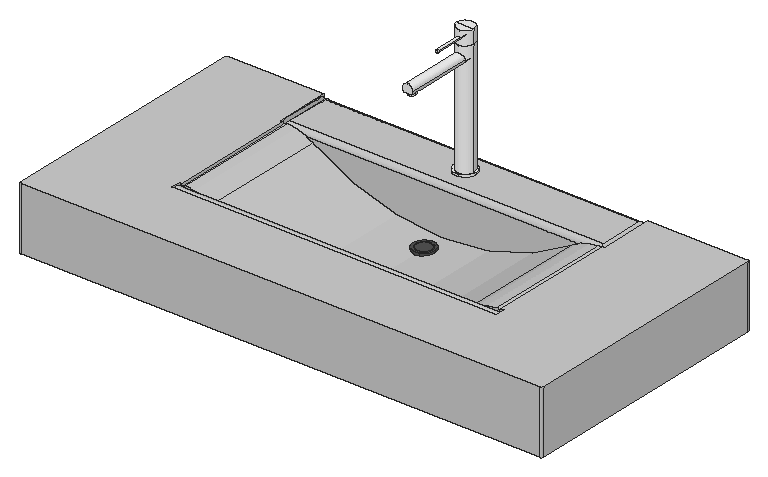
Revit family "RYN_PLU_WashBasin_Rect2", category Plumbing Fixtures, Revit 2025
Family settings
  Round Connector Dimension = Use Diameter
  Part Type = Normal
  Work Plane-Based = No
  Enable Cutting in Views = No
  Always vertical = Yes
  Cut with Voids When Loaded = No
  Maintain Annotation Orientation = No
  Shared = No
  Room Calculation Point = No
Parameters
  bottom of basin = 111.228 mm
  Width of basin = 440 mm
  Pillar tap 50x270 = Tap (1) : 50 x 270mm
  Length of basin = 740 mm
  Default Elevation = 0 mm
Reference planes
  plane 1: z = 0
  plane 2 "Center (Left/Right)": x = 0
  plane 3 "Ref. Level 2": z = 145
  plane 4 "Ref. Level 1": z = 33.772
Forms (mm)
  Extrusion 1, solid, material "GlassAshGloss"
    sketch origin (5, 0, 0) x (1, 0, 0) y (0, 1, 0)
      loop
        line (-600.428, -536.081) -> (600, -536.081)
        arc (600, -536.081) -> (603.536, -534.616) -> (605, -531.081) r 5
        line (605, -531.081) -> (605, 60)
        arc (605, 60) -> (603.536, 63.536) -> (600, 65) r 5
        line (600, 65) -> (-600.428, 65)
        arc (-600.428, 65) -> (-603.964, 63.536) -> (-605.428, 60) r 5
        line (-605.428, 60) -> (-605.428, -531.081)
        arc (-605.428, -531.081) -> (-603.964, -534.616) -> (-600.428, -536.081) r 5
    from 0 to 145
  Extrusion 2, void
    sketch origin (0, -155, 0) x (1, 0, 0) y (0, 0, 1)
      loop
        line (-370, 145) -> (-370, 135)
        arc (-370, 135) -> (-366.762, 141.39) -> (-360, 143.755) r 9.593
        arc (-360, 143.755) -> (-329.291, 138.135) -> (-301.188, 124.539) r 116.148
        arc (-301.188, 124.539) -> (0, 33.772) -> (301.188, 124.539) r 545.094
        arc (301.188, 124.539) -> (329.291, 138.135) -> (360, 143.755) r 116.148
        arc (360, 143.755) -> (366.762, 141.39) -> (370, 135) r 9.593
        line (370, 135) -> (370, 145) -> (-370, 145)
    from -95 to 199.839
  Extrusion 3, void
    sketch origin (0, 0, 0) x (0, 1, 0) y (0, 0, 1)
      loop
        arc (-60, 131.907) -> (-56.629, 140.046) -> (-48.489, 143.418) r 11.511
        line (-48.489, 143.418) -> (53.489, 143.418)
        arc (53.489, 143.418) -> (61.629, 140.046) -> (65, 131.907) r 11.511
        line (65, 131.907) -> (65, 145) -> (-60, 145) -> (-60, 131.907)
    from -375 to 375
  Extrusion 4, void
    sketch origin (0, 0, 0) x (0, 1, 0) y (0, 0, 1)
      loop
        line (-353.525, 145) -> (-375, 145) -> (-375, 133.8)
        arc (-375, 133.8) -> (-365, 143.8) -> (-355, 133.8) r 10
        line (-355, 133.8) -> (-353.525, 133.8) -> (-353.525, 145)
    from -375 to 376.942
  Extrusion 5, void
    sketch origin (-1271.902, 13.015, 4000) x (1, 0, 0) y (0, 0, 1)
      loop
        line (1641.902, -3866.2) -> (1646.304, -3866.2) -> (1646.304, -3853.072) -> (1631.902, -3853.072) -> (1631.902, -3856.2)
        arc (1631.902, -3856.2) -> (1638.973, -3859.129) -> (1641.902, -3866.2) r 10
    from -49.259 to 72.356
  Extrusion 6, void
    sketch origin (1271.902, 13.015, 4000) x (-1, 0, 0) y (0, 0, -1)
      loop
        arc (1641.902, 3866.2) -> (1638.973, 3859.129) -> (1631.902, 3856.2) r 10
        line (1631.902, 3856.2) -> (1631.902, 3853.072) -> (1646.304, 3853.072) -> (1646.304, 3866.2) -> (1641.902, 3866.2)
    from -49.259 to 72.356
  Sweep 7, void
    path origin (0, 0, 0) x (1, 0, 0) y (0, 1, 0)
      loop
        line (-370, -375) -> (375, -375) -> (375, 65) -> (-370, 65) -> (-370, -375)
    profile origin (-370, -155, 0) x (-1, 0, 0) y (0, 0, 1)
      loop
        arc (0, 10) -> (-2.929, 2.929) -> (-10, 0) r 10
        line (-10, 0) -> (1.853, 0) -> (1.853, 10) -> (0, 10)
  Extrusion 8, solid, material "Metal - Chrome"
    sketch origin (0, 0, 33.772) x (-1, 0, 0) y (0, -1, 0)
      loop
        circle (0, 115) r 25
      loop
        circle (0, 115) r 19
    from 0 to 5
  Extrusion 9, solid, material "Metal - Chrome"
    sketch origin (0, 0, 33.772) x (-1, 0, 0) y (0, -1, 0)
      loop
        circle (0, 115) r 18.57
    from 0 to 5
Cuts and joins
  Extrusion 2, Extrusion 3, Extrusion 4, Extrusion 5, Extrusion 6, Sweep 7 cuts Extrusion 1
Dimensions and locks
  plane 3 "Ref. Level 2" to level = 145 mm  (x2)
  "bottom of basin": plane 3 "Ref. Level 2" to cut or joined group of Extrusion 1, Extrusion 2, Extrusion 3, Extrusion 4, Extrusion 5, Extrusion 6, Sweep 7
Automatic sketch dimensions
  Extrusion 2 sketch curve to plane 2 "Center (Left/Right)" = 0 mm
  Extrusion 2 sketch curve to plane 3 "Ref. Level 2" = 0 mm
  plane 3 "Ref. Level 2" to Extrusion 2 sketch curve = 1.245 mm  (x2)
  Extrusion 2 sketch curve to Extrusion 2 sketch curve = 0.443 mm  (x2)
  Extrusion 2 sketch curve to Extrusion 2 sketch curve = 0 mm  (x3)
  plane 3 "Ref. Level 2" to Extrusion 2 sketch curve = 20.461 mm  (x2)
  Extrusion 2 sketch curve to Extrusion 2 sketch curve = 59.255 mm
  Extrusion 3 sketch curve to plane 3 "Ref. Level 2" = 0 mm
  Extrusion 3 sketch curve to Extrusion 3 sketch curve = 11.511 mm  (x2)
  plane 3 "Ref. Level 2" to Extrusion 3 sketch curve = 1.582 mm
  Extrusion 4 sketch curve to plane 3 "Ref. Level 2" = 0 mm
  Extrusion 4 sketch curve to Extrusion 4 sketch curve = 1.475 mm
  plane 3 "Ref. Level 2" to Extrusion 4 sketch curve = 11.2 mm
  plane 3 "Ref. Level 2" to Extrusion 5 sketch curve = 1.2 mm
  Extrusion 5 sketch curve to Extrusion 5 sketch curve = 4.403 mm
  Extrusion 5 sketch curve to plane 3 "Ref. Level 2" = 1.928 mm
  plane 3 "Ref. Level 2" to Extrusion 6 sketch curve = 1.2 mm
  Extrusion 6 sketch curve to Extrusion 6 sketch curve = 4.403 mm
  Extrusion 6 sketch curve to plane 3 "Ref. Level 2" = 1.928 mm
  Sweep 7 sketch curve to profile plane = 0 mm
  Sweep 7 sketch curve to level = 0 mm
  profile plane to Sweep 7 sketch curve = 10 mm
  Sweep 7 sketch curve to Sweep 7 sketch curve = 0 mm
  Sweep 7 sketch curve to profile plane = 1.853 mm
  Extrusion 8 sketch curve to Extrusion 8 sketch curve = 0 mm  (x3)
  Extrusion 8 sketch curve to plane 2 "Center (Left/Right)" = 0 mm
  Extrusion 9 sketch curve to plane 2 "Center (Left/Right)" = 0 mm
  Extrusion 1 sketch curve to plane 2 "Center (Left/Right)" = 595.428 mm
  Extrusion 1 sketch curve to Extrusion 1 sketch curve = 0 mm  (x2)
  Extrusion 2 sketch curve to plane 2 "Center (Left/Right)" = 301.188 mm
  level to Extrusion 2 sketch curve = 27.732 mm
  Extrusion 2 sketch curve to Extrusion 2 sketch curve = 10 mm  (x2)
  Extrusion 6 sketch curve to plane 2 "Center (Left/Right)" = 360 mm
  Extrusion 6 sketch curve to Extrusion 6 sketch curve = 10 mm
  Sweep 7 sketch curve to plane 2 "Center (Left/Right)" = 370 mm
  Extrusion 1 sketch curve to Extrusion 1 sketch curve = 5 mm  (x2)
  Extrusion 4 sketch curve to Extrusion 4 sketch curve = 10 mm
  Extrusion 1 sketch curve to Extrusion 1 sketch curve = 591.081 mm
  Extrusion 3 sketch curve to Extrusion 3 sketch curve = 101.978 mm
  Sweep 7 sketch curve to Sweep 7 sketch curve = 440 mm
  plane 2 "Center (Left/Right)" to Extrusion 1 sketch curve = 605 mm
  plane 2 "Center (Left/Right)" to Extrusion 2 sketch curve = 301.188 mm
  Extrusion 2 sketch curve to Extrusion 2 sketch curve = 58.812 mm
  plane 2 "Center (Left/Right)" to Extrusion 5 sketch curve = 360 mm
  Extrusion 5 sketch curve to Extrusion 5 sketch curve = 10 mm
  plane 2 "Center (Left/Right)" to Sweep 7 sketch curve = 375 mm
  radius of Extrusion 8 sketch curve = 25 mm
  radius of Extrusion 8 sketch curve = 19 mm
  radius of Extrusion 9 sketch curve = 18.57 mm
Nested families
  nested 1: "UK_Mdrn Tap Style C" at (0, 5, 145), type "UK_Mdrn Tap Style C"
Definition of nested family "UK_Mdrn Tap Style C"
  Parameters (values of type "UK_Mdrn Tap Style C")
    Tap Height = 300 mm
    Material Tap = none
    Manufacturer = "Revit"
    Default Elevation = 0 mm
  Reference planes
    plane 1 "Center (Front/Back)": y = 0
    plane 2: z = 0
    plane 3 "Center (Left/Right)": x = 0
  Forms (mm)
    Revolve 1, solid, material <- "Material Tap"
      sketch origin (0, 0, 0) x (1, 0, 0) y (0, 0, 1)
        loop
          line (0, 0) -> (0, 300) -> (-20, 300) -> (-20, 270) -> (-18, 270) -> (-18, 268) -> (-20, 268) -> (-20, 4) -> (-25, 4) -> (-25, 0) -> (0, 0)
        axis (0, 0) -> (0, 300)
      angle from 0 to 360
    Extrusion 2, solid, material <- "Material Tap"
      sketch origin (0, 0, 0) x (1, 0, 0) y (0, 0, 1)
        loop
          circle (0, 283.268) r 3
      from 0 to 82.043
    Extrusion 3, solid, material <- "Material Tap"
      sketch origin (0, 0, 0) x (1, 0, 0) y (0, 0, 1)
        loop
          circle (0, 240.642) r 12
      from 0 to 165.708
    Extrusion 4, void
      sketch origin (0, 0, -1.47) x (0, -1, 0) y (0, 0, 1)
        loop
          line (165.708, 229.642) -> (165.708, 234.642) -> (140.708, 234.642) -> (140.708, 229.642) -> (165.708, 229.642)
      from -15.058 to 15.415
    Extrusion 5, solid, material <- "Material Tap"
      sketch origin (0, 0, 0) x (1, 0, 0) y (0, 1, 0)
        loop
          circle (0, -154.43) r 8
      from 227.072 to 233.172
  Cuts and joins
    Extrusion 4 cuts Revolve 1
    joined: Revolve 1, Extrusion 5
    Extrusion 4 cuts Extrusion 2
    Extrusion 4 cuts Extrusion 3
  Dimensions and locks
    "Tap Height": Revolve 1 sketch curve to level
    locked: Extrusion 4 sketch curve to Extrusion 4 sketch curve at 5
    locked: cut or joined group of Revolve 1, Extrusion 4, Extrusion 5 to Extrusion 5 at 6.1
    locked: cut or joined group of Revolve 1, Extrusion 4, Extrusion 5 to Extrusion 2 sketch curve at 16.732
    locked: cut or joined group of Revolve 1, Extrusion 4, Extrusion 5 to Extrusion 3 sketch curve at 59.358
    locked: cut or joined group of Revolve 1, Extrusion 4, Extrusion 5 to cut or joined group of Extrusion 3, Extrusion 4 at 66.828
    aligned and locked: Extrusion 2 to plane 1 "Center (Front/Back)"
    aligned and locked: Extrusion 3 to plane 1 "Center (Front/Back)"
    aligned and locked: cut or joined group of Revolve 1, Extrusion 4, Extrusion 5 to Extrusion 5
  Automatic sketch dimensions
    Revolve 1 sketch curve to level = 0 mm
    Revolve 1 sketch curve to plane 3 "Center (Left/Right)" = 0 mm  (x2)
    Revolve 1 sketch curve to plane 3 "Center (Left/Right)" = 18 mm
    Revolve 1 sketch curve to Revolve 1 sketch curve = 2 mm  (x2)
    Revolve 1 sketch curve to Revolve 1 sketch curve = 0 mm
    Revolve 1 sketch curve to Revolve 1 sketch curve = 5 mm
    Revolve 1 sketch curve to level = 25 mm
    level to Revolve 1 sketch curve = 4 mm
    Revolve 1 sketch curve to Revolve 1 sketch curve = 32 mm
    Revolve 1 sketch curve to Revolve 1 sketch curve = 24 mm
    Extrusion 2 sketch curve to plane 3 "Center (Left/Right)" = 0 mm
    Extrusion 3 sketch curve to plane 3 "Center (Left/Right)" = 0 mm
    Extrusion 4 sketch curve to Extrusion 4 sketch curve = 25 mm
    Extrusion 5 sketch curve to plane 3 "Center (Left/Right)" = 0 mm
    level to Extrusion 4 sketch curve = 228.172 mm
    plane 1 "Center (Front/Back)" to Extrusion 4 sketch curve = 140.708 mm
    plane 1 "Center (Front/Back)" to Extrusion 5 sketch curve = 154.43 mm
    radius of Extrusion 2 sketch curve = 3 mm
    radius of Extrusion 3 sketch curve = 12 mm
    radius of Extrusion 5 sketch curve = 8 mm
